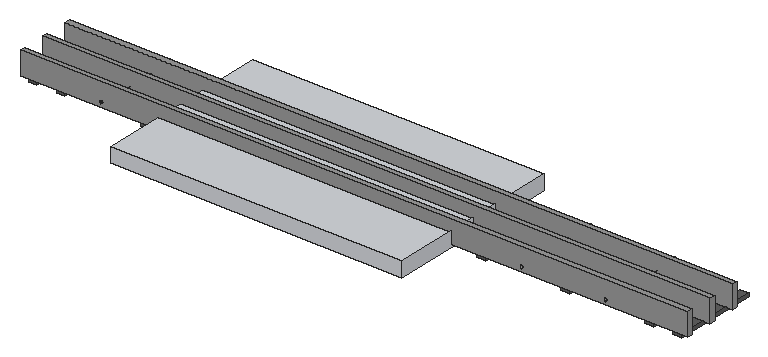
Revit family "1414-3, Solid", category Generic Models, host Face, Revit 2020
Family settings
  Host = Face
  Can host rebar = No
  Round Connector Dimension = Use Diameter
  Part Type = Normal
  Cut with Voids When Loaded = No
  Shared = No
  Room Calculation Point = No
Parameters
  min_value [instance] = 2' - 4"  # constant formula
  max_value [instance] = 11' - 11 1/4"  # constant formula
  actual_value [instance] = if(NET LENGTH < min_value, min_value, if(NET LENGTH > max_value, max_value, NET LENGTH))  # 7' - 11 1/4"
  NET LENGTH [instance] = 7' - 11 1/4"
  IMPORTANT NOTE!!!                                                                             *Backer & dowel layout is for visualization purposes only, final layout to be determined by 9Wood. [instance] = ""
  Default Elevation = 4' - 0"
  DOWEL RADIUS [instance] = 0' - 0 1/4"  # constant formula
  BACKER & DOWEL MATERIAL [instance] = BLACK-BACKERS
  .. MEMBER WIDTH [instance] = 0' - 0 3/4"  # constant formula
  .. MEMBER MATERIAL [instance] = Solid Western Hemlock
  .. MEMBER DEPTH [instance] = 0' - 3 1/4"  # constant formula
  .. MEMBER COUNT [instance] = 3  # constant formula
Reference planes (in)
  plane 1 "Center (Front/Back)": y = 0
  plane 2: z = 0
  plane 3 "Center (Left/Right)": x = 0
Forms (in)
  Extrusion 1, solid
    sketch origin (0, 0, 0) x (1, 0, 0) y (0, 1, 0)
      loop
        line (-24.24823, 14.63962) -> (-24.24823, -10.69266) -> (17.36192, -10.69266) -> (17.36192, 14.63962) -> (-24.24823, 14.63962)
    from 0 to 2.0625
Dimensions and locks (in)
  aligned and locked: plane 2 to Extrusion 1
  aligned and locked: nested 1 to plane 2
Nested families (in)
  nested 1: "1400 series" at (-44.01308, -2.1224, -0.06061), NET LENGTH <- "actual_value", .. MEMBER DEPTH <- ".. MEMBER DEPTH", .. MEMBER WIDTH <- ".. MEMBER WIDTH", DOWEL RADIUS <- "DOWEL RADIUS", BACKER & DOWEL MATERIAL <- "BACKER & DOWEL MATERIAL", .. MEMBER MATERIAL <- ".. MEMBER MATERIAL", MEMBER COUNT <- ".. MEMBER COUNT", type "1400 series"
    with X 7' - 8", SCRIM MATERIAL SCRIM, SCRIM LENGTH 8' - 1", SCRIM APPEARANCE yes, SCRIM 2 0' - 0 7/8", SCRIM 1 0' - 0 3/32", OC TYP 1' - 0", NET LENGTH 7' - 11 1/4", N 8, MEMBER COUNT 3, INSET 2 0' - 0 3/16", INSET 0' - 1", HALF MEMBER WIDTH 0' - 0 3/8", END BACKER yes, DOWEL RADIUS 0' - 0 1/4", DOWEL INDEX 0' - 11 5/8", DOWEL COUNT 7, BACKING M COUNT 8, BACKER WIDTH 0' - 1 1/4", BACKER INDEX 0' - 5 5/8", BACKER DEPTH 0' - 0 1/2", BACKER & DOWEL MATERIAL BLACK-BACKERS, BACKER &  DOWEL LENGTH 0' - 11 7/8", .. MEMBER WIDTH 0' - 0 3/4", .. MEMBER OC TYP 0' - 4", .. MEMBER MATERIAL Solid Western Hemlock, .. MEMBER DEPTH 0' - 3 1/4"
Definition of nested family "1400 series"
  Parameters (values of type "1400 series")
    X [instance] = NET LENGTH - 0' 3 1/4"  # 7' - 2"
    SCRIM MATERIAL [instance] = none
    SCRIM APPEARANCE [instance] = yes
    SCRIM 2 [instance] = 0' - 0 7/8"  # constant formula
    SCRIM 1 [instance] = 0' - 0 3/32"  # constant formula
    OC TYP [instance] = 1' - 0"  # constant formula
    N [instance] = if((X - (rounddown(X / 1' 0") * 1' 0")) > 1' 0", rounddown(X / 1' 0") + 2, rounddown(X / 1' 0") + 1)  # 8
    MEMBER COUNT [instance] = 2
    INSET 5 = 0' - 0 11/16"  # constant formula
    INSET 2 [instance] = 0' - 0 3/16"  # constant formula
    INSET [instance] = 0' - 1"  # constant formula
    END BACKER [instance] = BACKER INDEX > 0' 3 5/8"  # no
    HALF MEMBER WIDTH [instance] = .. MEMBER WIDTH / 2  # 0' - 1 1/8"
    Default Elevation = 0' - 0"
    DOWEL RADIUS [instance] = 0' - 0 1/4"
    DOWEL INDEX [instance] = BACKER INDEX + 0' 6"  # 0' - 8 5/8"
    DOWEL COUNT [instance] = N - 1  # 7
    BACKER WIDTH [instance] = 0' - 1 1/4"  # constant formula
    BACKER INDEX [instance] = (NET LENGTH - ((N - 1) * 1' 0")) / 2  # 0' - 2 5/8"
    BACKER DEPTH [instance] = 0' - 0 1/2"  # constant formula
    BACKING M COUNT [instance] = N  # 8
    BACKER & DOWEL MATERIAL [instance] = none
    BACKER &  DOWEL LENGTH [instance] = 0' - 11 7/8"  # constant formula
    SCRIM LENGTH [instance] = NET LENGTH + (SCRIM 2 * 2)  # 7' - 7"
    .. MEMBER WIDTH [instance] = 0' - 2 1/4"
    .. MEMBER OC TYP [instance] = 1' 0" / MEMBER COUNT  # 0' - 6"
    .. MEMBER MATERIAL [instance] = none
    NET LENGTH [instance] = 7' - 5 1/4"
    .. MEMBER DEPTH [instance] = 0' - 4"
  Reference planes (in)
    plane 1 "Center (Front/Back)": y = 0
    plane 2: z = 0
    plane 3 "Center (Left/Right)": x = 0
    plane 4: x = 89.25
    plane 5: x = 1
    plane 6: x = 88.25
    plane 7: x = 2.625
    plane 8: x = 8.625
    plane 9: x = 14.625
    plane 10: x = 20.625
    plane 11: y = 0.1875
    plane 12: y = 1.125
    plane 13: y = 7.125
    plane 14: y = 12.0625
    plane 15: x = 90.125
    plane 16: x = -0.875
    plane 17: y = 12.15625
    plane 18: y = -0.09375
    plane 19: z = 2.7097
    plane 20: z = 0.56061
    plane 21: z = 1.24811
  Lines and regions (in)
    model lines, not visible
      curve 1: line (8.625, 0, 0.99811) -> (8.625, 0, 1.49811)
      curve 2: line (8.625, 0, 1.49811) -> (8.375, 0, 1.24811)
      curve 3: line (8.375, 0, 1.24811) -> (8.875, 0, 1.24811)
      curve 4: line (20.625, 0, 0.99811) -> (20.625, 0, 1.49811)
      curve 5: line (20.625, 0, 1.49811) -> (20.375, 0, 1.24811)
      curve 6: line (20.375, 0, 1.24811) -> (20.875, 0, 1.24811)
      curve 7: line (32.625, 0, 0.99811) -> (32.625, 0, 1.49811)
      curve 8: line (32.625, 0, 1.49811) -> (32.375, 0, 1.24811)
      curve 9: line (32.375, 0, 1.24811) -> (32.875, 0, 1.24811)
      curve 10: line (44.625, 0, 0.99811) -> (44.625, 0, 1.49811)
      curve 11: line (44.625, 0, 1.49811) -> (44.375, 0, 1.24811)
      curve 12: line (44.375, 0, 1.24811) -> (44.875, 0, 1.24811)
      curve 13: line (56.625, 0, 0.99811) -> (56.625, 0, 1.49811)
      curve 14: line (56.625, 0, 1.49811) -> (56.375, 0, 1.24811)
      curve 15: line (56.375, 0, 1.24811) -> (56.875, 0, 1.24811)
      curve 16: line (68.625, 0, 0.99811) -> (68.625, 0, 1.49811)
      curve 17: line (68.625, 0, 1.49811) -> (68.375, 0, 1.24811)
      curve 18: line (68.375, 0, 1.24811) -> (68.875, 0, 1.24811)
      curve 19: line (80.625, 0, 0.99811) -> (80.625, 0, 1.49811)
      curve 20: line (80.625, 0, 1.49811) -> (80.375, 0, 1.24811)
      curve 21: line (80.375, 0, 1.24811) -> (80.875, 0, 1.24811)
  Dimensions and locks (in)
    "INSET": plane 3 "Center (Left/Right)" to plane 5
    "NET LENGTH": plane 3 "Center (Left/Right)" to plane 4
    "INSET": plane 6 to plane 4
    "BACKER INDEX": plane 3 "Center (Left/Right)" to plane 7
    "DOWEL INDEX": plane 3 "Center (Left/Right)" to plane 8
    "OC TYP": plane 7 to plane 9
    "OC TYP": plane 8 to plane 10
    "INSET 2": plane 1 "Center (Front/Back)" to plane 11
    equal spacing: group 1, group 2, group 5, group 6, group 7, group 13, group 14, group 16  (x3)
    equal spacing: group 3, group 4, group 8, group 9, group 10, group 15, group 17  (x3)
    group 11 to group 12 = 0' - 0"  (x2)
    group 11 to group 12 = 0' - 6"
    ".. MEMBER OC TYP": plane 13 to plane 12
    "HALF MEMBER WIDTH": plane 1 "Center (Front/Back)" to plane 12
    "SCRIM 2": plane 16 to plane 3 "Center (Left/Right)"
    "SCRIM 2": plane 4 to plane 15
    "SCRIM 1": plane 18 to plane 1 "Center (Front/Back)"
    "SCRIM 1": plane 17 to plane 14
    "INSET 5": plane 21 to plane 20
    aligned and locked: level to plane 2
    aligned and locked: plane 7 to nested 2
    aligned and locked: plane 5 to nested 1
    aligned and locked: plane 9 to nested 3
    aligned and locked: nested 1 to plane 5
    aligned and locked: nested 2 to plane 11
    aligned and locked: nested 1 to plane 11
    aligned and locked: nested 3 to plane 11
    aligned and locked: nested 4 to plane 11  (x2)
    aligned and locked: plane 10 to nested 5
    aligned and locked: plane 6 to nested 12
    aligned and locked: nested 5 to plane 11
    aligned and locked: plane 11 to nested 12
    aligned and locked: plane 12 to nested 13
    aligned and locked: nested 14 to plane 13
    aligned and locked: plane 14 to nested 8
    aligned and locked: nested 13 to plane 20
    aligned and locked: plane 21 to nested 4
    aligned and locked: plane 21 to nested 5
    aligned and locked: nested 13 to plane 8
    aligned and locked: plane 10 to nested 13
    aligned and locked: curve 1 to nested 13
    aligned and locked: nested 13 to curve 4
    aligned and locked: plane 20 to nested 1
    aligned and locked: plane 20 to nested 2
    aligned and locked: nested 12 to plane 20
  Automatic sketch dimensions
    curve 3 to curve 1 = 0' - 0 1/4"  (x2)
    curve 1 to curve 3 = 0' - 0 1/4"
    curve 1 to curve 2 = 0' - 0 1/4"
    curve 6 to curve 4 = 0' - 0 1/4"  (x2)
    curve 4 to curve 6 = 0' - 0 1/4"
    curve 4 to curve 5 = 0' - 0 1/4"
    curve 9 to curve 7 = 0' - 0 1/4"  (x2)
    curve 7 to curve 9 = 0' - 0 1/4"
    curve 7 to curve 8 = 0' - 0 1/4"
    curve 12 to curve 10 = 0' - 0 1/4"  (x2)
    curve 10 to curve 12 = 0' - 0 1/4"
    curve 10 to curve 11 = 0' - 0 1/4"
    curve 15 to curve 13 = 0' - 0 1/4"  (x2)
    curve 13 to curve 15 = 0' - 0 1/4"
    curve 13 to curve 14 = 0' - 0 1/4"
    curve 18 to curve 16 = 0' - 0 1/4"  (x2)
    curve 16 to curve 18 = 0' - 0 1/4"
    curve 16 to curve 17 = 0' - 0 1/4"
    curve 21 to curve 19 = 0' - 0 1/4"  (x2)
    curve 19 to curve 21 = 0' - 0 1/4"
    curve 19 to curve 20 = 0' - 0 1/4"
  Nested families (in)
    nested 1: "INSTANCE - 3RD -  EXTEND BOTH SIDES - Parametric Cube.0001" at (1, 0.1875, 0.56061), Length <- "BACKER &  DOWEL LENGTH", Width <- "BACKER WIDTH", Height <- "BACKER DEPTH", Material <- "BACKER & DOWEL MATERIAL", visible <- "END BACKER", type "INSTANCE - 3RD -  EXTEND BOTH SIDES - Parametric Cube.0001"
      with Width 0' - 1 1/4", Material none, Length 0' - 11 7/8", Height 0' - 0 1/2"
    nested 2: "INSTANCE - 2ND -  EXTEND SIDE H CENTER W - Parametric Cube.0001" at (2.625, 0.1875, 0.56061), Width <- "BACKER WIDTH", Length <- "BACKER &  DOWEL LENGTH", Height <- "BACKER DEPTH", Material <- "BACKER & DOWEL MATERIAL", type "INSTANCE - 2ND -  EXTEND SIDE H CENTER W - Parametric Cube.0001"
      with Width 0' - 1 1/4", Material none, Length 0' - 11 7/8", Height 0' - 0 1/2"
    nested 3: "INSTANCE - 2ND -  EXTEND SIDE H CENTER W - Parametric Cube.0001" at (14.625, 0.1875, 0.56061), Width <- "BACKER WIDTH", Length <- "BACKER &  DOWEL LENGTH", Height <- "BACKER DEPTH", Material <- "BACKER & DOWEL MATERIAL", type "INSTANCE - 2ND -  EXTEND SIDE H CENTER W - Parametric Cube.0001"
      with Width 0' - 1 1/4", Material none, Length 0' - 11 7/8", Height 0' - 0 1/2"
    nested 4: "DOWEL" at (-1.375, 0.1875, 1.24811), DOWEL LENGTH <- "BACKER &  DOWEL LENGTH", DOWEL RADII <- "DOWEL RADIUS", BACKING MEM MATERIAL <- "BACKER & DOWEL MATERIAL", type "DOWEL"
      with DOWEL RADII 0' - 0 1/4", DOWEL LENGTH 0' - 11 7/8", BACKING MEM MATERIAL none
    nested 5: "DOWEL" at (10.625, 0.1875, 1.24811), DOWEL LENGTH <- "BACKER &  DOWEL LENGTH", DOWEL RADII <- "DOWEL RADIUS", BACKING MEM MATERIAL <- "BACKER & DOWEL MATERIAL", type "DOWEL"
      with DOWEL RADII 0' - 0 1/4", DOWEL LENGTH 0' - 11 7/8", BACKING MEM MATERIAL none
    nested 6: "INSTANCE - 2ND -  EXTEND SIDE H CENTER W - Parametric Cube.0001" at (26.625, 0.1875, 0.56061), Width <- "BACKER WIDTH", Length <- "BACKER &  DOWEL LENGTH", Height <- "BACKER DEPTH", Material <- "BACKER & DOWEL MATERIAL", type "INSTANCE - 2ND -  EXTEND SIDE H CENTER W - Parametric Cube.0001"
      with Width 0' - 1 1/4", Material none, Length 0' - 11 7/8", Height 0' - 0 1/2"
    nested 7: "INSTANCE - 2ND -  EXTEND SIDE H CENTER W - Parametric Cube.0001" at (38.625, 0.1875, 0.56061), Width <- "BACKER WIDTH", Length <- "BACKER &  DOWEL LENGTH", Height <- "BACKER DEPTH", Material <- "BACKER & DOWEL MATERIAL", type "INSTANCE - 2ND -  EXTEND SIDE H CENTER W - Parametric Cube.0001"
      with Width 0' - 1 1/4", Material none, Length 0' - 11 7/8", Height 0' - 0 1/2"
    nested 8: "INSTANCE - 2ND -  EXTEND SIDE H CENTER W - Parametric Cube.0001" at (50.625, 0.1875, 0.56061), Width <- "BACKER WIDTH", Length <- "BACKER &  DOWEL LENGTH", Height <- "BACKER DEPTH", Material <- "BACKER & DOWEL MATERIAL", type "INSTANCE - 2ND -  EXTEND SIDE H CENTER W - Parametric Cube.0001"
      with Width 0' - 1 1/4", Material none, Length 0' - 11 7/8", Height 0' - 0 1/2"
    nested 9: "DOWEL" at (22.625, 0.1875, 1.24811), DOWEL LENGTH <- "BACKER &  DOWEL LENGTH", DOWEL RADII <- "DOWEL RADIUS", BACKING MEM MATERIAL <- "BACKER & DOWEL MATERIAL", type "DOWEL"
      with DOWEL RADII 0' - 0 1/4", DOWEL LENGTH 0' - 11 7/8", BACKING MEM MATERIAL none
    nested 10: "DOWEL" at (34.625, 0.1875, 1.24811), DOWEL LENGTH <- "BACKER &  DOWEL LENGTH", DOWEL RADII <- "DOWEL RADIUS", BACKING MEM MATERIAL <- "BACKER & DOWEL MATERIAL", type "DOWEL"
      with DOWEL RADII 0' - 0 1/4", DOWEL LENGTH 0' - 11 7/8", BACKING MEM MATERIAL none
    nested 11: "DOWEL" at (46.625, 0.1875, 1.24811), DOWEL LENGTH <- "BACKER &  DOWEL LENGTH", DOWEL RADII <- "DOWEL RADIUS", BACKING MEM MATERIAL <- "BACKER & DOWEL MATERIAL", type "DOWEL"
      with DOWEL RADII 0' - 0 1/4", DOWEL LENGTH 0' - 11 7/8", BACKING MEM MATERIAL none
    nested 12: "INSTANCE - 3RD -  EXTEND BOTH SIDES - Parametric Cube.0001" at (88.25, 0.1875, 0.56061) x (-1, 0, 0) z (0, 0, 1), Width <- "BACKER WIDTH", Length <- "BACKER &  DOWEL LENGTH", Height <- "BACKER DEPTH", Material <- "BACKER & DOWEL MATERIAL", visible <- "END BACKER", type "INSTANCE - 3RD -  EXTEND BOTH SIDES - Parametric Cube.0001"
      with Width 0' - 1 1/4", Material none, Length 0' - 11 7/8", Height 0' - 0 1/2"
    nested 13: "HOLED MEMBER" at (0, -9.75, 8.12965), DOWEL INDEX <- "DOWEL INDEX", .. MEMBER LENGTH <- "NET LENGTH", .. MEMBER WIDTH <- ".. MEMBER WIDTH", DOWEL OC DIST <- "OC TYP", DOWEL RADII <- "DOWEL RADIUS", Material <- ".. MEMBER MATERIAL", DEPTH <- ".. MEMBER DEPTH", DOWEL COUNT <- "DOWEL COUNT", Space <- "INSET 5", type "HOLED MEMBER"
      with Space 0' - 0 11/16", Material none, Height 0' - 10.43096", HALF MEMBER WIDTH 0' - 1 1/8", DOWEL RADII 0' - 0 1/4", DOWEL OC DIST 1' - 0", DOWEL INDEX 0' - 8 5/8", DOWEL COUNT 7, DEPTH 0' - 4", .. MEMBER WIDTH 0' - 2 1/4", .. MEMBER LENGTH 7' - 5 1/4"
    nested 14: "HOLED MEMBER" at (0, -3.75, 8.12965), DOWEL INDEX <- "DOWEL INDEX", .. MEMBER LENGTH <- "NET LENGTH", .. MEMBER WIDTH <- ".. MEMBER WIDTH", DOWEL OC DIST <- "OC TYP", DOWEL RADII <- "DOWEL RADIUS", Material <- ".. MEMBER MATERIAL", DEPTH <- ".. MEMBER DEPTH", DOWEL COUNT <- "DOWEL COUNT", Space <- "INSET 5", type "HOLED MEMBER"
      with Space 0' - 0 11/16", Material none, Height 0' - 10.43096", HALF MEMBER WIDTH 0' - 1 1/8", DOWEL RADII 0' - 0 1/4", DOWEL OC DIST 1' - 0", DOWEL INDEX 0' - 8 5/8", DOWEL COUNT 7, DEPTH 0' - 4", .. MEMBER WIDTH 0' - 2 1/4", .. MEMBER LENGTH 7' - 5 1/4"
    nested 15: "INSTANCE - 2ND -  EXTEND SIDE H CENTER W - Parametric Cube.0001" at (62.625, 0.1875, 0.56061), Width <- "BACKER WIDTH", Length <- "BACKER &  DOWEL LENGTH", Height <- "BACKER DEPTH", Material <- "BACKER & DOWEL MATERIAL", type "INSTANCE - 2ND -  EXTEND SIDE H CENTER W - Parametric Cube.0001"
      with Width 0' - 1 1/4", Material none, Length 0' - 11 7/8", Height 0' - 0 1/2"
    nested 16: "INSTANCE - 2ND -  EXTEND SIDE H CENTER W - Parametric Cube.0001" at (74.625, 0.1875, 0.56061), Width <- "BACKER WIDTH", Length <- "BACKER &  DOWEL LENGTH", Height <- "BACKER DEPTH", Material <- "BACKER & DOWEL MATERIAL", type "INSTANCE - 2ND -  EXTEND SIDE H CENTER W - Parametric Cube.0001"
      with Width 0' - 1 1/4", Material none, Length 0' - 11 7/8", Height 0' - 0 1/2"
    nested 17: "DOWEL" at (58.625, 0.1875, 1.24811), DOWEL LENGTH <- "BACKER &  DOWEL LENGTH", DOWEL RADII <- "DOWEL RADIUS", BACKING MEM MATERIAL <- "BACKER & DOWEL MATERIAL", type "DOWEL"
      with DOWEL RADII 0' - 0 1/4", DOWEL LENGTH 0' - 11 7/8", BACKING MEM MATERIAL none
    nested 18: "INSTANCE - 2ND -  EXTEND SIDE H CENTER W - Parametric Cube.0001" at (86.625, 0.1875, 0.56061), Width <- "BACKER WIDTH", Length <- "BACKER &  DOWEL LENGTH", Height <- "BACKER DEPTH", Material <- "BACKER & DOWEL MATERIAL", type "INSTANCE - 2ND -  EXTEND SIDE H CENTER W - Parametric Cube.0001"
      with Width 0' - 1 1/4", Material none, Length 0' - 11 7/8", Height 0' - 0 1/2"
    nested 19: "DOWEL" at (70.625, 0.1875, 1.24811), DOWEL LENGTH <- "BACKER &  DOWEL LENGTH", DOWEL RADII <- "DOWEL RADIUS", BACKING MEM MATERIAL <- "BACKER & DOWEL MATERIAL", type "DOWEL"
      with DOWEL RADII 0' - 0 1/4", DOWEL LENGTH 0' - 11 7/8", BACKING MEM MATERIAL none
  Definition of nested family "INSTANCE - 3RD -  EXTEND BOTH SIDES - Parametric Cube.0001"
    Parameters (values of type "INSTANCE - 3RD -  EXTEND BOTH SIDES - Parametric Cube.0001")
      Width [instance] = 0' - 6"
      Material [instance] = none
      Length [instance] = 1' - 0"
      Height [instance] = 1' - 6"
      Default Elevation = 0' - 0"
    Reference planes (in)
      plane 1 "Center (Front/Back)": y = 0
      plane 2: z = 0
      plane 3 "Center (Left/Right)": x = 0
      plane 4: x = 6
      plane 5: y = 12
      plane 6: z = -18
    Forms (in)
      Extrusion 1, solid, material <- "Material"
        sketch origin (0, 6, 0) x (1, 0, 0) y (0, 1, 0)
          loop
            line (0, 6) -> (0, -6) -> (6, -6) -> (6, 6) -> (0, 6)
        from -18 to 0
    Dimensions and locks (in)
      "Height": plane 6 to level
      "Length": plane 1 "Center (Front/Back)" to plane 5
      "Width": plane 3 "Center (Left/Right)" to plane 4
      aligned and locked: plane 2 to level
      aligned and locked: Extrusion 1 sketch curve to plane 4
      aligned and locked: Extrusion 1 to plane 6
      aligned and locked: plane 5 to Extrusion 1
      aligned and locked: Extrusion 1 to plane 3 "Center (Left/Right)"
    Automatic sketch dimensions
      plane 1 "Center (Front/Back)" to Extrusion 1 sketch curve = 0' - 0"
      plane 5 to Extrusion 1 sketch curve = 0' - 0"
      Extrusion 1 sketch curve to plane 3 "Center (Left/Right)" = 0' - 0"
  Definition of nested family "INSTANCE - 2ND -  EXTEND SIDE H CENTER W - Parametric Cube.0001"
    Parameters (values of type "INSTANCE - 2ND -  EXTEND SIDE H CENTER W - Parametric Cube.0001")
      Width [instance] = 0' - 6"
      Material [instance] = none
      Length [instance] = 1' - 0"
      Height [instance] = 1' - 6"
      Default Elevation = 0' - 0"
    Reference planes (in)
      plane 1 "Center (Front/Back)": y = 0
      plane 2: z = 0
      plane 3 "Center (Left/Right)": x = 0
      plane 4: x = -3
      plane 5: x = 3
      plane 6: y = 12
      plane 7: z = -18
    Forms (in)
      Extrusion 1, solid, material <- "Material"
        sketch origin (0, 6, 0) x (1, 0, 0) y (0, 1, 0)
          loop
            line (-3, 6) -> (-3, -6) -> (3, -6) -> (3, 6) -> (-3, 6)
        from -18 to 0
    Dimensions and locks (in)
      equal spacing: plane 4, plane 3 "Center (Left/Right)", plane 5
      "Width": plane 4 to plane 5
      "Height": plane 7 to level
      "Length": plane 1 "Center (Front/Back)" to plane 6
      aligned and locked: plane 2 to level
      aligned and locked: plane 4 to Extrusion 1 sketch curve
      aligned and locked: Extrusion 1 sketch curve to plane 5
      aligned and locked: Extrusion 1 to plane 7
      aligned and locked: plane 6 to Extrusion 1
    Automatic sketch dimensions
      plane 1 "Center (Front/Back)" to Extrusion 1 sketch curve = 0' - 0"
      plane 6 to Extrusion 1 sketch curve = 0' - 0"
  Definition of nested family "DOWEL"
    Parameters (values of type "DOWEL")
      Default Elevation = 0' - 0"
      DOWEL RADII [instance] = 0' - 0 5/8"
      DOWEL LENGTH [instance] = 1' - 0"
      BACKING MEM MATERIAL [instance] = none
    Reference planes (in)
      plane 1 "Center (Front/Back)": y = 0
      plane 2: z = 0
      plane 3 "Center (Left/Right)": x = 0
      plane 4: y = 12
    Forms (in)
      Extrusion 1, solid, material <- "BACKING MEM MATERIAL"
        sketch origin (10, 0, 0) x (1, 0, 0) y (0, 0, 1)
          loop
            circle (0, 0) r 0.625
        from 0 to -12
      Extrusion 2, solid, not visible
        sketch origin (0, 0, 0) x (1, 0, 0) y (0, 0, 1)
          loop
            circle (0, 0) r 0.625
        from 0 to 12
      Extrusion 3, solid, not visible
        sketch origin (10, 0, 0) x (1, 0, 0) y (0, 0, 1)
          loop
            circle (0, 0) r 0.625
        from 0 to 2.5
      Extrusion 4, solid, not visible
        sketch origin (10, 0, 0) x (1, 0, 0) y (0, 0, 1)
          loop
            circle (0, 0) r 0.625
        from 0 to -12
    Lines and regions (in)
      model lines, not visible
        curve 1: line (-13, 0, 0) -> (-13, -12, 0)
        curve 2: line (13, 0, 0) -> (13, -12, 0)
        curve 3: line (9.89453, 0, 0) -> (10.08794, 0, 0)
        curve 4: line (9.89453, -2.5, 0) -> (10.08794, -2.5, 0)
        curve 6: line (10, 0, 0) -> (10, 2, 0)
      model lines
        curve 5: line (10, 0, 0) -> (10, 2, 0)
    Dimensions and locks (in)
      "DOWEL LENGTH": plane 1 "Center (Front/Back)" to plane 4
      "DOWEL RADII": radius of Extrusion 1 sketch curve
      "DOWEL RADII": radius of Extrusion 2 sketch curve
      "DOWEL RADII": radius of Extrusion 3 sketch curve
      "DOWEL RADII": radius of Extrusion 4 sketch curve
      "DOWEL RADII": radius of Extrusion 1
      aligned and locked: plane 2 to level
      aligned and locked: Extrusion 1 to plane 1 "Center (Front/Back)"  (x3)
      aligned and locked: plane 1 "Center (Front/Back)" to Extrusion 1
      aligned and locked: plane 4 to Extrusion 1
    Automatic sketch dimensions
      plane 1 "Center (Front/Back)" to curve 5 = 0' - 0"
      curve 5 to plane 1 "Center (Front/Back)" = 0' - 2"
      plane 3 "Center (Left/Right)" to curve 5 = 0' - 10"
      Extrusion 1 sketch curve to level = 0' - 0"
      plane 3 "Center (Left/Right)" to Extrusion 1 sketch curve = 0' - 10"
  Definition of nested family "HOLED MEMBER"
    Parameters (values of type "HOLED MEMBER")
      Space [instance] = 0' - 0 5/8"
      Material [instance] = none
      Height [instance] = 0' - 10.43096"
      HALF MEMBER WIDTH [instance] = .. MEMBER WIDTH / 2  # 0' - 0 5/16"
      Default Elevation = 0' - 0"
      DOWEL RADII [instance] = 0' - 0.34537"
      DOWEL OC DIST [instance] = 1' - 0"
      DOWEL INSET = 0' - 0 5/8"
      DOWEL INDEX [instance] = 0' - 5 5/8"
      DOWEL COUNT [instance] = 6
      DEPTH [instance] = 0' - 2"
      .. MEMBER WIDTH [instance] = 0' - 0 5/8"
      .. MEMBER LENGTH [instance] = 5' - 11 3/4"
    Reference planes (in)
      plane 1 "Center (Front/Back)": y = 12
      plane 2: z = -7.56904
      plane 3 "Center (Left/Right)": x = 0
      plane 4: x = 5.625
      plane 5: x = 17.625
      plane 6: y = 11.375
      plane 7: x = 71.75
      plane 8: y = 11.6875
      plane 9: z = -6.94404
      plane 10: z = -5.56904
    Forms (in)
      Extrusion 1, solid, material <- "Material"
        sketch origin (0, 12, -13.56904) x (1, 0, 0) y (0, 0, 1)
          loop
            line (0, 6) -> (71.75, 6) -> (71.75, 8) -> (0, 8) -> (0, 6)
        from 0.625 to 0
      Extrusion 2, void
        sketch origin (0, 12, -18.31904) x (1, 0, 0) y (0, 0, 1)
          loop
            circle (5.625, 11.375) r 0.34537
        from 0 to 12
      Extrusion 3, void, not visible
        sketch origin (0, 0, 0) x (1, 0, 0) y (0, 1, 0)
          loop
            circle (5.625, 11.375) r 0.34537
        from 0 to 12
      Extrusion 4, void, not visible
        sketch origin (0, 0, 0) x (1, 0, 0) y (0, 1, 0)
          loop
            circle (5.625, 11.375) r 0.34537
        from 0 to 12
      Extrusion 5, void, not visible
        sketch origin (12, 0, 0) x (1, 0, 0) y (0, 1, 0)
          loop
            circle (5.625, 11.375) r 0.34537
        from 0 to 12
      Extrusion 6, void, not visible
        sketch origin (0, 12, -17.56904) x (1, 0, 0) y (0, 0, 1)
          loop
            circle (5.625, 11.375) r 0.34537
        from 0 to 12
      Extrusion 7, void, not visible
        sketch origin (12, 12, -17.56904) x (1, 0, 0) y (0, 0, 1)
          loop
            circle (5.625, 11.375) r 0.34537
        from 0 to 12
      Extrusion 8, void, not visible
        sketch origin (0, 12, -19.56904) x (1, 0, 0) y (0, 0, 1)
          loop
            circle (5.625, 11.375) r 0.34537
        from 0 to 12
      Extrusion 9, void
        sketch origin (12, 12, -18.31904) x (1, 0, 0) y (0, 0, 1)
          loop
            circle (5.625, 11.375) r 0.34537
        from 0 to 12
      Extrusion 10, void
        sketch origin (24, 12, -18.31904) x (1, 0, 0) y (0, 0, 1)
          loop
            circle (5.625, 11.375) r 0.34537
        from 0 to 12
      Extrusion 11, void
        sketch origin (36, 12, -18.31904) x (1, 0, 0) y (0, 0, 1)
          loop
            circle (5.625, 11.375) r 0.34537
        from 0 to 12
      Extrusion 12, void
        sketch origin (48, 12, -18.31904) x (1, 0, 0) y (0, 0, 1)
          loop
            circle (5.625, 11.375) r 0.34537
        from 0 to 12
      Extrusion 13, void
        sketch origin (60, 12, -18.31904) x (1, 0, 0) y (0, 0, 1)
          loop
            circle (5.625, 11.375) r 0.34537
        from 0 to 12
      Extrusion 14, void, not visible
        sketch origin (24, 12, -17.56904) x (1, 0, 0) y (0, 0, 1)
          loop
            circle (5.625, 11.375) r 0.34537
        from 0 to 12
      Extrusion 15, void, not visible
        sketch origin (36, 12, -17.56904) x (1, 0, 0) y (0, 0, 1)
          loop
            circle (5.625, 11.375) r 0.34537
        from 0 to 12
      Extrusion 16, void, not visible
        sketch origin (48, 12, -17.56904) x (1, 0, 0) y (0, 0, 1)
          loop
            circle (5.625, 11.375) r 0.34537
        from 0 to 12
      Extrusion 17, void, not visible
        sketch origin (60, 12, -17.56904) x (1, 0, 0) y (0, 0, 1)
          loop
            circle (5.625, 11.375) r 0.34537
        from 0 to 12
      Extrusion 18, void, not visible
        sketch origin (24, 0, 0) x (1, 0, 0) y (0, 1, 0)
          loop
            circle (5.625, 11.375) r 0.34537
        from 0 to 12
      Extrusion 19, void, not visible
        sketch origin (36, 0, 0) x (1, 0, 0) y (0, 1, 0)
          loop
            circle (5.625, 11.375) r 0.34537
        from 0 to 12
      Extrusion 20, void, not visible
        sketch origin (48, 0, 0) x (1, 0, 0) y (0, 1, 0)
          loop
            circle (5.625, 11.375) r 0.34537
        from 0 to 12
      Extrusion 21, void, not visible
        sketch origin (60, 0, 0) x (1, 0, 0) y (0, 1, 0)
          loop
            circle (5.625, 11.375) r 0.34537
        from 0 to 12
    Cuts and joins
      Extrusion 2, Extrusion 9, Extrusion 10, Extrusion 11, Extrusion 12, Extrusion 13 cuts Extrusion 1
    Lines and regions (in)
      model lines, not visible
        curve 1: line (5.625, 11.72037, 0) -> (5.625, 11.02963, 0)
        curve 2: line (5.625, 11.72037, 0) -> (5.625, 11.02963, 0)
        curve 3: line (17.625, 11.72037, 0) -> (17.625, 11.02963, 0)
        curve 4: line (5.625, 12, -7.56904) -> (5.625, 11.87317, -7.56904)
        curve 5: line (5.625, 11.87317, -7.56904) -> (5.06195, 11.87317, -7.56904)
        curve 6: line (5.06195, 11.87317, -7.56904) -> (5.27963, 11.375, -7.56904)
        curve 7: line (0, 12, -6.19404) -> (0, 11.61951, -6.19404)
        curve 9: line (0, 11.375, -8.19404) -> (0, 11.6747, -8.19404)
        curve 10: line (5.625, 12, -7.56904) -> (5.625, 11.69863, -7.56904)
        curve 11: line (5.625, 12, -7.56904) -> (5.625, 11.69863, -7.56904)
        curve 12: line (5.625, 10.75, 0) -> (5.625, 10.75, 0.30137)
        curve 13: line (5.625, 10.75, 0) -> (5.625, 10.75, 0.30137)
        curve 14: line (17.625, 10.75, 0) -> (17.625, 10.75, 0.30137)
        curve 15: line (5.625, 12, -6.81904) -> (5.625, 11.69863, -6.81904)
        curve 16: line (17.625, 12, -6.81904) -> (17.625, 11.69863, -6.81904)
        curve 17: line (5.625, 12, -8.81904) -> (5.625, 11.69863, -8.81904)
        curve 18: line (17.625, 12, -7.56904) -> (17.625, 11.69863, -7.56904)
        curve 19: line (29.625, 12, -7.56904) -> (29.625, 11.69863, -7.56904)
        curve 20: line (41.625, 12, -7.56904) -> (41.625, 11.69863, -7.56904)
        curve 21: line (53.625, 12, -7.56904) -> (53.625, 11.69863, -7.56904)
        curve 22: line (65.625, 12, -7.56904) -> (65.625, 11.69863, -7.56904)
        curve 23: line (29.625, 12, -6.81904) -> (29.625, 11.69863, -6.81904)
        curve 24: line (41.625, 12, -6.81904) -> (41.625, 11.69863, -6.81904)
        curve 25: line (53.625, 12, -6.81904) -> (53.625, 11.69863, -6.81904)
        curve 26: line (65.625, 12, -6.81904) -> (65.625, 11.69863, -6.81904)
        curve 27: line (29.625, 11.72037, 0) -> (29.625, 11.02963, 0)
        curve 28: line (29.625, 10.75, 0) -> (29.625, 10.75, 0.30137)
        curve 29: line (41.625, 11.72037, 0) -> (41.625, 11.02963, 0)
        curve 30: line (41.625, 10.75, 0) -> (41.625, 10.75, 0.30137)
        curve 31: line (53.625, 11.72037, 0) -> (53.625, 11.02963, 0)
        curve 32: line (53.625, 10.75, 0) -> (53.625, 10.75, 0.30137)
        curve 33: line (65.625, 11.72037, 0) -> (65.625, 11.02963, 0)
        curve 34: line (65.625, 10.75, 0) -> (65.625, 10.75, 0.30137)
        curve 35: line (5.27963, 12, -6.94404) -> (5.97037, 12, -6.94404)
        curve 36: line (5.97037, 12, -6.94404) -> (5.625, 12, -6.59867)
        curve 37: line (5.625, 12, -6.59867) -> (5.625, 12, -7.28941)
        curve 38: line (5.27963, 11.375, 0) -> (5.97037, 11.375, 0)
        curve 39: line (5.97037, 11.375, 0) -> (5.625, 11.72037, 0)
        curve 40: line (5.625, 11.72037, 0) -> (5.625, 11.02963, 0)
        curve 41: line (5.27963, 11.375, 0) -> (5.97037, 11.375, 0)
        curve 42: line (5.97037, 11.375, 0) -> (5.625, 11.72037, 0)
        curve 43: line (5.625, 11.72037, 0) -> (5.625, 11.02963, 0)
        curve 44: line (17.27963, 11.375, 0) -> (17.97037, 11.375, 0)
        curve 45: line (17.97037, 11.375, 0) -> (17.625, 11.72037, 0)
        curve 46: line (17.625, 11.72037, 0) -> (17.625, 11.02963, 0)
        curve 47: line (5.27963, 12, -6.19404) -> (5.97037, 12, -6.19404)
        curve 48: line (5.97037, 12, -6.19404) -> (5.625, 12, -5.84867)
        curve 49: line (5.625, 12, -5.84867) -> (5.625, 12, -6.53941)
        curve 50: line (17.27963, 12, -6.19404) -> (17.97037, 12, -6.19404)
        curve 51: line (17.97037, 12, -6.19404) -> (17.625, 12, -5.84867)
        curve 52: line (17.625, 12, -5.84867) -> (17.625, 12, -6.53941)
        curve 53: line (5.27963, 12, -8.19404) -> (5.97037, 12, -8.19404)
        curve 54: line (5.97037, 12, -8.19404) -> (5.625, 12, -7.84867)
        curve 55: line (5.625, 12, -7.84867) -> (5.625, 12, -8.53941)
        curve 56: line (17.27963, 12, -6.94404) -> (17.97037, 12, -6.94404)
        curve 57: line (17.97037, 12, -6.94404) -> (17.625, 12, -6.59867)
        curve 58: line (17.625, 12, -6.59867) -> (17.625, 12, -7.28941)
        curve 59: line (29.27963, 12, -6.94404) -> (29.97037, 12, -6.94404)
        curve 60: line (29.97037, 12, -6.94404) -> (29.625, 12, -6.59867)
        curve 61: line (29.625, 12, -6.59867) -> (29.625, 12, -7.28941)
        curve 62: line (41.27963, 12, -6.94404) -> (41.97037, 12, -6.94404)
        curve 63: line (41.97037, 12, -6.94404) -> (41.625, 12, -6.59867)
        curve 64: line (41.625, 12, -6.59867) -> (41.625, 12, -7.28941)
        curve 65: line (53.27963, 12, -6.94404) -> (53.97037, 12, -6.94404)
        curve 66: line (53.97037, 12, -6.94404) -> (53.625, 12, -6.59867)
        curve 67: line (53.625, 12, -6.59867) -> (53.625, 12, -7.28941)
        curve 68: line (65.27963, 12, -6.94404) -> (65.97037, 12, -6.94404)
        curve 69: line (65.97037, 12, -6.94404) -> (65.625, 12, -6.59867)
        curve 70: line (65.625, 12, -6.59867) -> (65.625, 12, -7.28941)
        curve 71: line (29.27963, 12, -6.19404) -> (29.97037, 12, -6.19404)
        curve 72: line (29.97037, 12, -6.19404) -> (29.625, 12, -5.84867)
        curve 73: line (29.625, 12, -5.84867) -> (29.625, 12, -6.53941)
        curve 74: line (41.27963, 12, -6.19404) -> (41.97037, 12, -6.19404)
        curve 75: line (41.97037, 12, -6.19404) -> (41.625, 12, -5.84867)
        curve 76: line (41.625, 12, -5.84867) -> (41.625, 12, -6.53941)
        curve 77: line (53.27963, 12, -6.19404) -> (53.97037, 12, -6.19404)
        curve 78: line (53.97037, 12, -6.19404) -> (53.625, 12, -5.84867)
        curve 79: line (53.625, 12, -5.84867) -> (53.625, 12, -6.53941)
        curve 80: line (65.27963, 12, -6.19404) -> (65.97037, 12, -6.19404)
        curve 81: line (65.97037, 12, -6.19404) -> (65.625, 12, -5.84867)
        curve 82: line (65.625, 12, -5.84867) -> (65.625, 12, -6.53941)
        curve 83: line (29.27963, 11.375, 0) -> (29.97037, 11.375, 0)
        curve 84: line (29.97037, 11.375, 0) -> (29.625, 11.72037, 0)
        curve 85: line (29.625, 11.72037, 0) -> (29.625, 11.02963, 0)
        curve 86: line (41.27963, 11.375, 0) -> (41.97037, 11.375, 0)
        curve 87: line (41.97037, 11.375, 0) -> (41.625, 11.72037, 0)
        curve 88: line (41.625, 11.72037, 0) -> (41.625, 11.02963, 0)
        curve 89: line (53.27963, 11.375, 0) -> (53.97037, 11.375, 0)
        curve 90: line (53.97037, 11.375, 0) -> (53.625, 11.72037, 0)
        curve 91: line (53.625, 11.72037, 0) -> (53.625, 11.02963, 0)
        curve 92: line (65.27963, 11.375, 0) -> (65.97037, 11.375, 0)
        curve 93: line (65.97037, 11.375, 0) -> (65.625, 11.72037, 0)
        curve 94: line (65.625, 11.72037, 0) -> (65.625, 11.02963, 0)
      model lines
        curve 8: line (5.625, 12, -7.56904) -> (5.625, 11.69863, -7.56904)
    Dimensions and locks (in)
      "DOWEL INDEX": plane 3 "Center (Left/Right)" to plane 4
      "DOWEL OC DIST": plane 4 to plane 5
      ".. MEMBER LENGTH": plane 3 "Center (Left/Right)" to plane 7
      equal spacing: group 3, group 4, group 21, group 22, group 23, group 24  (x3)
      equal spacing: group 7, group 8, group 17, group 18, group 19, group 20  (x3)
      ".. MEMBER WIDTH": plane 6 to plane 1 "Center (Front/Back)"
      "HALF MEMBER WIDTH": plane 8 to plane 1 "Center (Front/Back)"
      equal spacing: group 1, group 12, group 13, group 14, group 15, group 16  (x2)
      equal spacing: group 16, group 15, group 14, group 13, group 12, group 1
      "DEPTH": plane 10 to level
      "Space": plane 9 to level
      "DOWEL RADII": radius of Extrusion 2 sketch curve
      "DOWEL RADII": radius of Extrusion 3 sketch curve
      "DOWEL RADII": radius of Extrusion 4 sketch curve
      "DOWEL RADII": radius of Extrusion 5 sketch curve
      "DOWEL RADII": radius of Extrusion 6 sketch curve
      "DOWEL RADII": radius of Extrusion 7 sketch curve
      "DOWEL RADII": radius of Extrusion 8 sketch curve
      "DOWEL RADII": radius of Extrusion 9 sketch curve
      "DOWEL RADII": radius of Extrusion 10 sketch curve
      "DOWEL RADII": radius of Extrusion 11 sketch curve
      "DOWEL RADII": radius of Extrusion 12 sketch curve
      "DOWEL RADII": radius of Extrusion 13 sketch curve
      "DOWEL RADII": radius of Extrusion 14 sketch curve
      "DOWEL RADII": radius of Extrusion 15 sketch curve
      "DOWEL RADII": radius of Extrusion 16 sketch curve
      "DOWEL RADII": radius of Extrusion 17 sketch curve
      "DOWEL RADII": radius of Extrusion 18 sketch curve
      "DOWEL RADII": radius of Extrusion 19 sketch curve
      "DOWEL RADII": radius of Extrusion 20 sketch curve
      "DOWEL RADII": radius of Extrusion 21 sketch curve
      aligned and locked: level to plane 2
      aligned and locked: Extrusion 1 to plane 3 "Center (Left/Right)"  (x2)
      aligned and locked: plane 7 to cut or joined group of Extrusion 1, Extrusion 2, Extrusion 9, Extrusion 10, Extrusion 11, Extrusion 12, Extrusion 13  (x2)
      aligned and locked: cut or joined group of Extrusion 1, Extrusion 2, Extrusion 9, Extrusion 10, Extrusion 11, Extrusion 12, Extrusion 13 to plane 1 "Center (Front/Back)"  (x2)
      aligned and locked: cut or joined group of Extrusion 1, Extrusion 2, Extrusion 9, Extrusion 10, Extrusion 11, Extrusion 12, Extrusion 13 to plane 6  (x2)
      aligned and locked: plane 4 to curve 11
      aligned and locked: curve 18 to plane 5
      aligned and locked: plane 4 to group 1
      aligned and locked: group 12 to plane 5
      aligned and locked: curve 35 to plane 9
      aligned and locked: plane 4 to curve 37
      aligned and locked: curve 56 to plane 9
      aligned and locked: curve 58 to plane 5
      aligned and locked: plane 10 to cut or joined group of Extrusion 1, Extrusion 2, Extrusion 9, Extrusion 10, Extrusion 11, Extrusion 12, Extrusion 13  (x2)
      aligned and locked: cut or joined group of Extrusion 1, Extrusion 2, Extrusion 9, Extrusion 10, Extrusion 11, Extrusion 12, Extrusion 13 to level
      aligned and locked: level to cut or joined group of Extrusion 1, Extrusion 2, Extrusion 9, Extrusion 10, Extrusion 11, Extrusion 12, Extrusion 13
    Automatic sketch dimensions
      curve 1 to curve 1 = 0' - 0.69074"
      curve 2 to curve 2 = 0' - 0.69074"
      curve 3 to curve 3 = 0' - 0.69074"
      Extrusion 1 sketch curve to plane 3 "Center (Left/Right)" = 0' - 0"
      Extrusion 1 sketch curve to plane 7 = 0' - 0"
      Extrusion 1 sketch curve to Extrusion 1 sketch curve = 0' - 2"
      Extrusion 1 sketch curve to level = 0' - 0"
      curve 8 to curve 8 = 0' - 0.30137"
      curve 10 to curve 10 = 0' - 0.30137"
      curve 8 to plane 4 = 0' - 0"
      plane 1 "Center (Front/Back)" to curve 8 = 0' - 0"
      plane 1 "Center (Front/Back)" to curve 8 = 0' - 0.30137"
      curve 11 to curve 11 = 0' - 0.30137"
      curve 12 to curve 12 = 0' - 0.30137"
      curve 13 to curve 13 = 0' - 0.30137"
      curve 14 to curve 14 = 0' - 0.30137"
      curve 15 to curve 15 = 0' - 0.30137"
      curve 16 to curve 16 = 0' - 0.30137"
      curve 17 to curve 17 = 0' - 0.30137"
      curve 18 to curve 18 = 0' - 0.30137"
      curve 19 to curve 19 = 0' - 0.30137"
      curve 20 to curve 20 = 0' - 0.30137"
      curve 21 to curve 21 = 0' - 0.30137"
      curve 22 to curve 22 = 0' - 0.30137"
      curve 23 to curve 23 = 0' - 0.30137"
      curve 24 to curve 24 = 0' - 0.30137"
      curve 25 to curve 25 = 0' - 0.30137"
      curve 26 to curve 26 = 0' - 0.30137"
      curve 27 to curve 27 = 0' - 0.69074"
      curve 28 to curve 28 = 0' - 0.30137"
      curve 29 to curve 29 = 0' - 0.69074"
      curve 30 to curve 30 = 0' - 0.30137"
      curve 31 to curve 31 = 0' - 0.69074"
      curve 32 to curve 32 = 0' - 0.30137"
      curve 33 to curve 33 = 0' - 0.69074"
      curve 34 to curve 34 = 0' - 0.30137"
      curve 37 to curve 35 = 0' - 0.34537"  (x2)
      curve 35 to curve 36 = 0' - 0.34537"
      curve 35 to curve 37 = 0' - 0.34537"
      curve 40 to curve 38 = 0' - 0.34537"  (x2)
      curve 38 to curve 39 = 0' - 0.34537"
      curve 38 to curve 40 = 0' - 0.34537"
      curve 43 to curve 41 = 0' - 0.34537"  (x2)
      curve 41 to curve 42 = 0' - 0.34537"
      curve 41 to curve 43 = 0' - 0.34537"
      curve 46 to curve 44 = 0' - 0.34537"  (x2)
      curve 44 to curve 45 = 0' - 0.34537"
      curve 44 to curve 46 = 0' - 0.34537"
      curve 49 to curve 47 = 0' - 0.34537"  (x2)
      curve 47 to curve 48 = 0' - 0.34537"
      curve 47 to curve 49 = 0' - 0.34537"
      curve 52 to curve 50 = 0' - 0.34537"  (x2)
      curve 50 to curve 51 = 0' - 0.34537"
      curve 50 to curve 52 = 0' - 0.34537"
      curve 55 to curve 53 = 0' - 0.34537"  (x2)
      curve 53 to curve 54 = 0' - 0.34537"
      curve 53 to curve 55 = 0' - 0.34537"
      curve 58 to curve 56 = 0' - 0.34537"  (x2)
      curve 56 to curve 57 = 0' - 0.34537"
      curve 56 to curve 58 = 0' - 0.34537"
      curve 61 to curve 59 = 0' - 0.34537"  (x2)
      curve 59 to curve 60 = 0' - 0.34537"
      curve 59 to curve 61 = 0' - 0.34537"
      curve 64 to curve 62 = 0' - 0.34537"  (x2)
      curve 62 to curve 63 = 0' - 0.34537"
      curve 62 to curve 64 = 0' - 0.34537"
      curve 67 to curve 65 = 0' - 0.34537"  (x2)
      curve 65 to curve 66 = 0' - 0.34537"
      curve 65 to curve 67 = 0' - 0.34537"
      curve 70 to curve 68 = 0' - 0.34537"  (x2)
      curve 68 to curve 69 = 0' - 0.34537"
      curve 68 to curve 70 = 0' - 0.34537"
      curve 73 to curve 71 = 0' - 0.34537"  (x2)
      curve 71 to curve 72 = 0' - 0.34537"
      curve 71 to curve 73 = 0' - 0.34537"
      curve 76 to curve 74 = 0' - 0.34537"  (x2)
      curve 74 to curve 75 = 0' - 0.34537"
      curve 74 to curve 76 = 0' - 0.34537"
      curve 79 to curve 77 = 0' - 0.34537"  (x2)
      curve 77 to curve 78 = 0' - 0.34537"
      curve 77 to curve 79 = 0' - 0.34537"
      curve 82 to curve 80 = 0' - 0.34537"  (x2)
      curve 80 to curve 81 = 0' - 0.34537"
      curve 80 to curve 82 = 0' - 0.34537"
      curve 85 to curve 83 = 0' - 0.34537"  (x2)
      curve 83 to curve 84 = 0' - 0.34537"
      curve 83 to curve 85 = 0' - 0.34537"
      curve 88 to curve 86 = 0' - 0.34537"  (x2)
      curve 86 to curve 87 = 0' - 0.34537"
      curve 86 to curve 88 = 0' - 0.34537"
      curve 91 to curve 89 = 0' - 0.34537"  (x2)
      curve 89 to curve 90 = 0' - 0.34537"
      curve 89 to curve 91 = 0' - 0.34537"
      curve 94 to curve 92 = 0' - 0.34537"  (x2)
      curve 92 to curve 93 = 0' - 0.34537"
      curve 92 to curve 94 = 0' - 0.34537"
